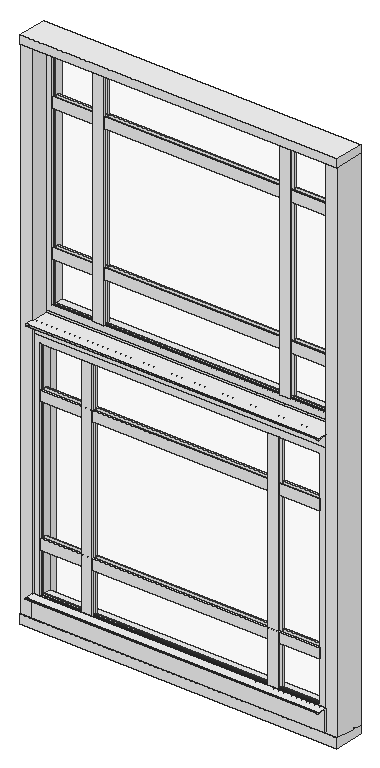
Revit family "Single_Hung-PGT-Aluminum-SH700d", category Windows, host Wall, Revit 2015
Parameters (values of type "Refer to Type Catalog")
  Width Calc = Width - 3.498"  # 26.502"
  URL = "http://www.pgtindustries.com/"
  Type Comments = "Flange, Equal Sash"  # constant formula
  Top Sash = Height / 2  # 25"
  Rough Width = Width  # 30"
  Rough Height = Height  # 50"
  Product Style Guide = "http://www.pgtindustries.com/pro-zone/architect/download?destination=node/97061"
  Product Page URL = "http://www.pgtindustries.com/product-overview/sh700"
  Model = "SH700"  # constant formula
  Minimum Size = "13 1/2” x 24 3/4”."  # constant formula
  Maximum Size = "53 1/8” x 76”"  # constant formula
  Manufacturer = "PGT Industries"  # constant formula
  Height Calc Top = Top Sash - 3.356"  # 21.644"
  Height Calc Bottom = Height - (Top Sash + 3.591")  # 21.409"
  Height = 50"
  Grid Type Top Sash = Face_Based_Mullion_ 401 : BP9
  Grid Type Bottom Sash = Face_Based_Mullion_ 401 : BP9
  Grid Layout Note = "To edit the grid layout ensure the 'Grid' parameter is turned on and then select an option from the 'Grid Type Bottom Sash' & 'Grid Type Top Sash' drop downs.  Please refer to the 'Product Style Guide' for standard configurations and restrictions."  # constant formula
  Grid = yes
  Finish = Metal - PGT - Paint - White
  Description = "Aluminum Single Hung"  # constant formula
  Default Sill Height = 36"
  Wall Closure = By host
  Width = 30"
  Custom Design Note = "The types included show default grid/size configurations.  Please reference the 'Product Style Guide' to see all standard configurations and restrictions before creating custom designs.  Please contact PGT Industries with any questions regarding custom designs."  # constant formula
  Construction Type = ""
  Color Glass = Glass - PGT - Clear
  BP Calc = Width Calc / 6  # 4.417"
  Assembly Code = "B2020.10"
  Analytic Construction = "<None>"
Reference planes (in)
  plane 1 "Center (Front/Back)": y = 0
  plane 2: z = -0.001
  plane 3 "Center (Left/Right)": x = 0
  plane 4 "Left": x = -15
  plane 5 "Right": x = 15
  plane 6 "Sill": z = 35.999
  plane 7 "Top": z = 85.999
  plane 8 "Exterior Face": y = 3
  plane 9: x = 13.876
  plane 10: x = -13.876
  plane 11: z = 36.65386
  plane 12 "Meeting": z = 60.999
  plane 13: z = 62.367
  plane 14: z = 62.992
  plane 15: z = 60.374
  plane 16: x = -13.251
  plane 17: x = 13.251
  plane 18: z = 38.965
  plane 19 "Interior Face": y = 0.278
  plane 20: y = 3.062
  plane 21: z = 38.34
  plane 22: z = 84.636
  plane 23: z = 85.261
  plane 24: y = 0.45962
  plane 25 "Exterior Face of Glass Upper": y = 2.353
  plane 26 "Exterior Face of Glass Lower": y = 0.93986
  plane 27: y = 1.952
  plane 28: y = 0.53886
  plane 29: z = 73.814
  plane 30: z = 49.6695
Forms (in)
  Sweep 1, solid, material "Metal - PGT - Paint - White" <- "Finish"
    path origin (0, 0, 85.999) x (0, -1, 0) y (1, 0, 0)
      loop
        line (-3, -15) -> (-3, 15)
    profile "Profile-SH700-Top_Rail : Profile-SH700-Top_Rail" origin (0, 3, 85.999) x (0, 1, 0) y (0, 0, 1)
      loop
        line (-2.722, -0.738) -> (0.062, -0.738) -> (0.062, 0) -> (-2.722, 0) -> (-2.722, -0.738)
  Sweep 2, solid, material "Metal - PGT - Paint - White" <- "Finish"
    path origin (0, 0, 35.999) x (0, -1, 0) y (1, 0, 0)
      loop
        line (-3, -15) -> (-3, 15)
    profile "Profile-SH700-Bottom_Rail : Profile-SH700-Bottom_Rail" origin (0, 3, 35.999) x (0, 1, 0) y (0, 0, 1)
      loop
        line (0.062, 0) -> (0.062, 0.65486) -> (-0.667, 0.71864) -> (-0.667, 0.83801)
        arc (-0.667, 0.83801) -> (-0.692, 0.86301) -> (-0.717, 0.83801) r 0.025
        line (-0.717, 0.83801) -> (-0.717, 0.72301) -> (-2.722, 0.89842) -> (-2.722, 0) -> (0.062, 0)
  Sweep 3, solid, material "Metal - PGT - Paint - White" <- "Finish"
    path origin (0, 0, 35.999) x (0, -1, 0) y (1, 0, 0)
      loop
        line (-3, -13.876) -> (-3, 13.876)
    profile "Profile-SH700-Bottom_Sash : Profile-SH700-Bottom_Sash" origin (0, 3, 35.999) x (0, 1, 0) y (0, 0, 1)
      loop
        line (-1.19205, 0.76457) -> (-1.19205, 2.21602)
        arc (-1.19205, 2.21602) -> (-1.22866, 2.30441) -> (-1.31705, 2.34102) r 0.125
        line (-1.31705, 2.34102) -> (-2.54, 2.34102) -> (-2.54, 2.96562) -> (-3.47105, 2.96562)
        arc (-3.47105, 2.96562) -> (-3.51418, 2.93729) -> (-3.50533, 2.88646) r 0.047
        arc (-3.50533, 2.88646) -> (-3.45516, 2.87438) -> (-3.42414, 2.91562) r 0.047
        line (-3.42414, 2.91562) -> (-2.722, 2.91562) -> (-2.722, 0.89842) -> (-1.19205, 0.76457)
  Sweep 4, solid, material "Metal - PGT - Paint - White" <- "Finish"
    path origin (-60, 3, 48) x (-1, 0, 0) y (0, 0, 1)
      loop
        line (-75, -11.34614) -> (-75, 37.262)
    profile "Profile-SH700-Stile : Profile-SH700-Stile" origin (15, 3, 60.95793) x (1, 0, 0) y (0, 1, 0)
      loop
        line (0, 0.062) -> (-1.123, 0.062) -> (-1.123, -2.648) -> (0, -2.648) -> (0, 0.062)
  Sweep 5, solid, material "Metal - PGT - Paint - White" <- "Finish"
    path origin (60, 3, 48) x (1, 0, 0) y (0, 0, -1)
      loop
        line (-75, 11.34614) -> (-75, -37.262)
    profile "Profile-SH700-Stile : Profile-SH700-Stile" origin (-15, 3, 60.95793) x (1, 0, 0) y (0, 1, 0)
      loop
        line (0, 0.062) -> (0, -2.648) -> (1.123, -2.648) -> (1.123, 0.062) -> (0, 0.062)
  Sweep 6, solid, material "Metal - PGT - Paint - White" <- "Finish"
    path origin (0, 0, 60.999) x (0, 1, 0) y (-1, 0, 0)
      loop
        line (3, -13.876) -> (3, 13.872)
    profile "Profile-SH700-Meeting : Profile-SH700-Meeting" origin (0.002, 3, 60.999) x (0, -1, 0) y (0, 0, 1)
      loop
        line (2.54038, 0.00007) -> (2.54038, 1.10283) -> (3.34708, 1.10283)
        arc (3.34708, 1.10283) -> (3.38535, 1.04555) -> (3.45292, 1.05899) r 0.062
        arc (3.45292, 1.05899) -> (3.46635, 1.12656) -> (3.40908, 1.16483) r 0.062
        line (3.40908, 1.16483) -> (1.12299, 1.16483) -> (1.12299, 1.36807) -> (-0.06184, 1.36807) -> (-0.06184, -0.03655) -> (0.66701, -0.03655) -> (0.66701, -0.13824)
        arc (0.66701, -0.13824) -> (0.6921, -0.16333) -> (0.7172, -0.13824) r 0.0251
        line (0.7172, -0.13824) -> (0.7172, 0.00007) -> (2.54038, 0.00007)
  Extrusion 7, solid, material "Glass - PGT - Clear" <- "Color Glass"
    sketch origin (0, 0, 0) x (0, 1, 0) y (0, 0, 1)
      loop
        line (1.952, 84.636) -> (1.952, 62.992) -> (2.077, 62.992) -> (2.077, 84.636) -> (1.952, 84.636)
      loop
        line (2.228, 84.636) -> (2.228, 62.992) -> (2.353, 62.992) -> (2.353, 84.636) -> (2.228, 84.636)
      loop
        line (0.53886, 38.965) -> (0.66386, 38.965) -> (0.66386, 60.374) -> (0.53886, 60.374) -> (0.53886, 38.965)
      loop
        line (0.81486, 38.965) -> (0.93986, 38.965) -> (0.93986, 60.374) -> (0.81486, 60.374) -> (0.81486, 38.965)
    from -13.251 to 13.251
  Sweep 8, solid, material "Metal - PGT - Paint - White" <- "Finish"
    path origin (-60, 3, 48) x (-1, 0, 0) y (0, 0, 1)
      loop
        line (-73.251, 36.636) -> (-73.251, 14.992) -> (-46.749, 14.992) -> (-46.749, 36.636) -> (-73.251, 36.636)
    profile "Profile-SH700-Sash : Profile-SH700-Sash" origin (0, 3, 84.636) x (0, 0, 1) y (0, 1, 0)
      loop
        line (0, 0) -> (0, -0.647) -> (0.503, -0.647) -> (0.503, -1.048) -> (0, -1.048) -> (0, -1.12299) -> (0.625, -1.12299) -> (0.625, 0) -> (0, 0)
  Sweep 9, solid, material "Metal - PGT - Paint - White" <- "Finish"
    path origin (0, 0.278, 0) x (-1, 0, 0) y (0, 0, 1)
      loop
        line (13.251, 60.374) -> (-13.251, 60.374) -> (-13.251, 38.965) -> (13.251, 38.965) -> (13.251, 60.374)
    profile "Profile-SH700-Bottom Sash : Profile-SH700-Bottom Sash" origin (0, 0.278, 60.374) x (0, 0, -1) y (0, 1, 0)
      loop
        line (0, 1.30499) -> (-0.625, 1.30499) -> (-0.625, 0.182) -> (0, 0.182) -> (0, 0.26099) -> (-0.503, 0.26099) -> (-0.503, 0.66199) -> (0, 0.66199) -> (0, 1.30499)
Cuts and joins
  joined: Sweep 4, Sweep 5
Lines and regions (in)
  Opening 1
    outline origin (-60, -3, 0) x (1, 0, 0) y (0, 0, 1)
      loop
        line (45, 85.999) -> (45, 35.999) -> (75, 35.999) -> (75, 85.999) -> (45, 85.999)
  Masking region 1
    outline origin (0, 0, 59.95893) x (1, 0, 0) y (0, 1, 0)
      loop
        line (15, 3.062) -> (-15, 3.062) -> (-15, 0.278) -> (15, 0.278) -> (15, 3.062)
  Split face 1
    outline origin (-15, 0.278, 36.89742) x (1, 0, 0) y (0, 0.996195, -0.087156)
      loop
        line (0, 0.07435) -> (30, 0.07435)
  Split face 2
    outline origin (-13.877, 3.062, 36.65386) x (0, 0, 1) y (0, -1, 0)
      loop
        line (0, 2.60238) -> (25.50997, 2.60238) -> (25.50997, 1.18499) -> (48.60814, 1.18499)
  Split face 3
    outline origin (13.877, 0.352, 36.65386) x (0, 0, 1) y (0, 1, 0)
      loop
        line (48.60814, 1.52501) -> (25.50997, 1.52501) -> (25.50997, 0.10762) -> (0, 0.10762)
Text (in)
  text "EXTERIOR" at (-58.6888, 50.90694, 0), in view "Ref. Level"
  text "INTERIOR" at (-58.6888, -37.76638, 0), in view "Ref. Level"
  text "Exterior" at (0, 43.65631, 123.19604), in view "Left"
  text "Exterior" at (0, 18.29385, 125.04747), in view "Right"
Dimensions and locks (in)
  equal spacing: plane 4 "Left", plane 3 "Center (Left/Right)", plane 5 "Right"
  "Width": plane 4 "Left" to plane 5 "Right"
  "Height": plane 6 "Sill" to plane 7 "Top"
  "Default Sill Height": plane 2 to plane 6 "Sill"
  locked: plane 6 "Sill" to plane 11 at 0.65486
  locked: plane 15 to plane 14 at 2.618
  locked: plane 13 to plane 14 at 0.625
  locked: plane 15 to plane 12 "Meeting" at 0.625
  locked: plane 6 "Sill" to plane 18 at 2.966
  locked: plane 20 to plane 19 "Interior Face" at 2.784
  locked: plane 20 to plane 8 "Exterior Face" at 0.062
  locked: plane 4 "Left" to plane 16 at 1.749
  locked: plane 17 to plane 5 "Right" at 1.749
  locked: plane 17 to plane 9 at 0.625
  locked: plane 10 to plane 16 at 0.625
  locked: plane 21 to plane 18 at 0.625
  locked: plane 22 to plane 7 "Top" at 1.363
  locked: plane 22 to plane 23 at 0.625
  "Top Sash": plane 12 "Meeting" to plane 7 "Top"
  locked: plane 26 "Exterior Face of Glass Lower" to plane 19 "Interior Face" at 0.66186
  locked: plane 8 "Exterior Face" to plane 25 "Exterior Face of Glass Upper" at 0.647
  plane 27 to plane 25 "Exterior Face of Glass Upper" = 0.401"
  plane 26 "Exterior Face of Glass Lower" to plane 28 = 0.401"
  equal spacing: plane 14, plane 29, plane 22
  equal spacing: plane 18, plane 30, plane 15
  plane 17 to plane 16 = 26.502"
  locked: plane 6 "Sill" to Split face 2 sketch curve at 0.65486
  Split face 2 sketch curve to plane 7 "Top" = 0.737"
  locked: Split face 2 sketch curve to plane 14 at 0.82817
  locked: Split face 3 sketch curve to plane 13 at 0.20317
  locked: plane 6 "Sill" to Split face 3 sketch curve at 0.65486
  locked: Split face 3 sketch curve to plane 7 "Top" at 0.737
  aligned and locked: plane 7 "Top" to Opening 1 sketch curve
  aligned and locked: plane 6 "Sill" to Opening 1 sketch curve  (x2)
  aligned and locked: plane 5 "Right" to Opening 1 sketch curve
  aligned and locked: plane 4 "Left" to Opening 1 sketch curve
  aligned and locked: plane 8 "Exterior Face" to host wall
  aligned and locked: plane 11 to Sweep 4 sketch curve
  aligned and locked: plane 11 to Sweep 5 sketch curve
  aligned and locked: plane 9 to Sweep 3 sketch curve
  aligned and locked: plane 10 to Sweep 3 sketch curve
  aligned and locked: plane 5 "Right" to Sweep 1 sketch curve
  aligned and locked: plane 4 "Left" to Sweep 1 sketch curve
  aligned and locked: plane 22 to Sweep 8 sketch curve
  aligned and locked: Sweep 8 sketch curve to plane 17
  aligned and locked: Sweep 8 sketch curve to plane 14
  aligned and locked: plane 16 to Sweep 8 sketch curve
  aligned and locked: plane 14 to Extrusion 7  (x2)
  aligned and locked: Extrusion 7 to plane 22  (x2)
  aligned and locked: Sweep 9 sketch curve to plane 15
  aligned and locked: Sweep 9 sketch curve to plane 16
  aligned and locked: Sweep 9 sketch curve to plane 18
  aligned and locked: plane 17 to Sweep 9 sketch curve
  aligned and locked: Extrusion 7 to plane 15  (x2)
  aligned and locked: Extrusion 7 to plane 18  (x2)
  aligned and locked: Extrusion 7 to plane 16
  aligned and locked: plane 17 to Extrusion 7
  aligned and locked: plane 3 "Center (Left/Right)" to nested 1
  aligned and locked: nested 1 to plane 19 "Interior Face"
  aligned and locked: nested 2 to plane 3 "Center (Left/Right)"
  aligned and locked: nested 2 to plane 29
  aligned and locked: nested 3 to plane 30
  aligned and locked: nested 3 to plane 3 "Center (Left/Right)"
  aligned and locked: Masking region 1 sketch curve to cut or joined group of Sweep 4, Sweep 5  (x2)
  aligned and locked: nested 1 to Masking region 1 sketch curve
  aligned and locked: Masking region 1 sketch curve to nested 1
  aligned and locked: plane 26 "Exterior Face of Glass Lower" to Extrusion 7
  aligned and locked: Extrusion 7 to plane 28
  aligned and locked: plane 4 "Left" to Split face 1 sketch curve
  aligned and locked: plane 5 "Right" to Split face 1 sketch curve
Automatic sketch dimensions
  Sweep 1 sketch curve to plane 8 "Exterior Face" = 0"
  Sweep 2 sketch curve to plane 5 "Right" = 0"
  Sweep 2 sketch curve to plane 8 "Exterior Face" = 0"
  Sweep 2 sketch curve to plane 4 "Left" = 0"
  Sweep 3 sketch curve to plane 8 "Exterior Face" = 0"
  Sweep 6 sketch curve to plane 8 "Exterior Face" = 0"
  Sweep 6 sketch curve to plane 9 = 0"
  plane 10 to Sweep 6 sketch curve = 0.004"
  plane 5 "Right" to Sweep 4 sketch curve = 0"
  Sweep 4 sketch curve to plane 23 = 0.001"
  plane 4 "Left" to Sweep 5 sketch curve = 0"
  Sweep 5 sketch curve to plane 23 = 0.001"
  Extrusion 7 sketch curve to plane 18 = 0"  (x2)
  plane 15 to Extrusion 7 sketch curve = 0"  (x2)
  plane 14 to Extrusion 7 sketch curve = 0"  (x2)
  plane 22 to Extrusion 7 sketch curve = 0"  (x2)
  Extrusion 7 sketch curve to plane 24 = 0.07924"
  Extrusion 7 sketch curve to Extrusion 7 sketch curve = 1/8"  (x4)
  Extrusion 7 sketch curve to Extrusion 7 sketch curve = 0.151"  (x2)
  Extrusion 7 sketch curve to host wall = 1.048"
  Sweep 2 to Split face 1 sketch curve = 0.07435"
  Split face 2 sketch curve to cut or joined group of Sweep 4, Sweep 5 = 0.10762"
  Split face 2 sketch curve to cut or joined group of Sweep 4, Sweep 5 = 1.18499"
  Split face 3 sketch curve to cut or joined group of Sweep 4, Sweep 5 = 0.10762"
  Split face 3 sketch curve to cut or joined group of Sweep 4, Sweep 5 = 1.18499"
Nested families (in)
  nested 1: "SH700" at (0, 0.278, 59.95893), type "Plan2d"
    with Width 30"
  nested 2: "Face_Based_Mullion_ 401" at (0, 2.353, 73.814) x (-1, 0, 0) z (0, 1, 0), Width <- "Width Calc", Height <- "Height Calc Top", type <- "Grid Type Top Sash", BP Offset <- "BP Calc", visible <- "Grid", type "BP9"
    with Width 26.502", Height 21.644", BP Offset 4.417", Glass Thickness 103/256"
  nested 3: "Face_Based_Mullion_ 401" at (0, 0.93986, 49.6695) x (-1, 0, 0) z (0, 1, 0), Height <- "Height Calc Bottom", Width <- "Width Calc", type <- "Grid Type Bottom Sash", BP Offset <- "BP Calc", visible <- "Grid", type "BP9"
    with Width 26.502", Height 21.409", BP Offset 4.417", Glass Thickness 103/256"
Definition of nested family "Face_Based_Mullion_ 401"
  Parameters (values of type "4C2R")
    Width [instance] = 60"
    Mullion Interior = none
    Mullion = none
    Height [instance] = 60"
    Glass Thickness = 87/256"
    Default Elevation = 48"
    BP Offset [instance] = 4.57143"
    BPT = no
    BPR = no
    BPL = no
    BPB = no
    7R = no
    6R = no
    5R = no
    4R = no
    4C = yes
    3R = no
    3C = no
    2R = yes
    2C = no
  Types (9): name | BPT | BPR | BPL | BPB | 4C | 3C | 2R | 2C
    2C2R | no | no | no | no | no | no | yes | yes
    3C2R | no | no | no | no | no | yes | yes | no
    BP9 | yes | yes | yes | yes | no | no | no | no
    2C1R | no | no | no | no | no | no | no | yes
    BP6_Top | yes | yes | yes | no | no | no | no | no
    BP6_Bottom | no | yes | yes | yes | no | no | no | no
    3C1R | no | no | no | no | no | yes | no | no
    4C1R | no | no | no | no | yes | no | no | no
    4C2R | no | no | no | no | yes | no | yes | no
  Reference planes (in)
    plane 1 "Center (Front/Back)": y = 0
    plane 2: z = 0
    plane 3 "Center (Left/Right)": x = 0
    plane 4: x = -30
    plane 5: x = 30
    plane 6: y = 30
    plane 7: y = -30
    plane 8: y = 10
    plane 9: y = -10
    plane 10: y = 20
    plane 11: y = -20
    plane 12: x = -10
    plane 13: x = 10
    plane 14: y = 15
    plane 15: y = -15
    plane 16: y = 18
    plane 17: y = 6
    plane 18: y = -6
    plane 19: y = -18
    plane 20: y = -21.42857
    plane 21: y = -12.85714
    plane 22: y = -4.28571
    plane 23: y = 21.42857
    plane 24: y = 12.85714
    plane 25: y = 4.28571
    plane 26: x = -20
    plane 27: x = 20
    plane 28: y = 25.42857
    plane 29: y = -25.42857
    plane 30: x = -15
    plane 31: x = 15
  Forms (in)
    Extrusion 1, solid
      sketch origin (0, 0, 0) x (1, 0, 0) y (0, 1, 0)
        loop
          line (-48, 48) -> (-48, -48) -> (48, -48) -> (48, 48) -> (-48, 48)
      from 0 to -12
  Lines and regions (in)
    model lines, visible <- "5R"
      curve 1: line (-30, -18, 0) -> (30, -18, 0)
      curve 2: line (30, -6, 0) -> (-30, -6, 0)
      curve 3: line (30, 6, 0) -> (-30, 6, 0)
      curve 4: line (30, 18, 0) -> (-30, 18, 0)
    model lines, visible <- "2C"
      curve 5: line (0, 30, 0) -> (0, -30, 0)
    model lines, visible <- "3C"
      curve 6: line (-10, 30, 0) -> (-10, -30, 0)
      curve 7: line (10, 30, 0) -> (10, -30, 0)
    model lines, visible <- "6R"
      curve 8: line (-30, 20, 0) -> (30, 20, 0)
      curve 9: line (-30, 10, 0) -> (30, 10, 0)
      curve 10: line (-30, 0, 0) -> (30, 0, 0)
      curve 11: line (-30, -10, 0) -> (30, -10, 0)
      curve 12: line (-30, -20, 0) -> (30, -20, 0)
    model lines, visible <- "4R"
      curve 13: line (30, 15, 0) -> (-30, 15, 0)
      curve 14: line (30, 0, 0) -> (-30, 0, 0)
      curve 15: line (30, -15, 0) -> (-30, -15, 0)
    model lines, visible <- "7R"
      curve 16: line (-30, 21.42857, 0) -> (30, 21.42857, 0)
      curve 17: line (30, 12.85714, 0) -> (-30, 12.85714, 0)
      curve 18: line (30, 4.28571, 0) -> (-30, 4.28571, 0)
      curve 19: line (30, -4.28571, 0) -> (-30, -4.28571, 0)
      curve 20: line (30, -12.85714, 0) -> (-30, -12.85714, 0)
      curve 21: line (30, -21.42857, 0) -> (-30, -21.42857, 0)
    model lines, visible <- "BPL"
      curve 22: line (-20, 30, 0) -> (-20, -30, 0)
    model lines, visible <- "BPR"
      curve 23: line (20, 30, 0) -> (20, -30, 0)
    model lines, visible <- "2R"
      curve 24: line (-30, 0, 0) -> (30, 0, 0)
    model lines, visible <- "3R"
      curve 25: line (-30, 10, 0) -> (30, 10, 0)
      curve 26: line (-30, -10, 0) -> (30, -10, 0)
    model lines, visible <- "BPB"
      curve 27: line (-30, -25.42857, 0) -> (30, -25.42857, 0)
    model lines, visible <- "BPT"
      curve 28: line (-30, 25.42857, 0) -> (30, 25.42857, 0)
    model lines, visible <- "4C", detail levels coarse
      curve 29: line (-15, 30, 0) -> (-15, -30, 0)
      curve 30: line (15, 30, 0) -> (15, -30, 0)
    model lines, detail levels coarse
      curve 31: line (0, 30, 0) -> (0, -30, 0)
  Dimensions and locks (in)
    equal spacing: plane 6, plane 10, plane 8, plane 1 "Center (Front/Back)", plane 9, plane 11, plane 7
    equal spacing: plane 6, plane 14, plane 1 "Center (Front/Back)"
    equal spacing: plane 7, plane 15, plane 1 "Center (Front/Back)"
    equal spacing: plane 6, plane 16, plane 17, plane 18, plane 19, plane 7
    "Width": plane 4 to plane 5
    "Height": plane 6 to plane 7
    equal spacing: plane 6, plane 23, plane 24, plane 25, plane 22, plane 21, plane 20, plane 7
    equal spacing: plane 4, plane 26, plane 12, plane 3 "Center (Left/Right)", plane 13, plane 27, plane 5
    "BP Offset": plane 7 to plane 29
    "BP Offset": plane 6 to plane 28
    equal spacing: plane 4, plane 30, plane 3 "Center (Left/Right)"
    equal spacing: plane 3 "Center (Left/Right)", plane 31, plane 5
    aligned and locked: plane 2 to Extrusion 1
    aligned and locked: level to Extrusion 1
    aligned and locked: plane 4 to curve 1
    aligned and locked: curve 1 to plane 19
    aligned and locked: plane 18 to curve 2
    aligned and locked: plane 5 to curve 3
    aligned and locked: plane 17 to curve 3
    aligned and locked: plane 5 to curve 4
    aligned and locked: plane 16 to curve 4
    aligned and locked: plane 6 to curve 5
    aligned and locked: curve 5 to plane 3 "Center (Left/Right)"
    aligned and locked: plane 13 to curve 7
    aligned and locked: plane 4 to curve 8
    aligned and locked: curve 8 to plane 10
    aligned and locked: plane 4 to curve 9
    aligned and locked: curve 9 to plane 8
    aligned and locked: plane 4 to curve 10
    aligned and locked: plane 1 "Center (Front/Back)" to curve 10
    aligned and locked: plane 4 to curve 11
    aligned and locked: curve 11 to plane 9
    aligned and locked: plane 4 to curve 12
    aligned and locked: curve 12 to plane 11
    aligned and locked: plane 5 to curve 13
    aligned and locked: curve 13 to plane 14
    aligned and locked: plane 5 to curve 14
    aligned and locked: curve 14 to plane 1 "Center (Front/Back)"
    aligned and locked: plane 5 to curve 15
    aligned and locked: plane 15 to curve 15
    aligned and locked: plane 4 to curve 16
    aligned and locked: curve 16 to plane 23
    aligned and locked: plane 5 to curve 17
    aligned and locked: plane 24 to curve 17
    aligned and locked: plane 5 to curve 18
    aligned and locked: plane 25 to curve 18
    aligned and locked: plane 5 to curve 19
    aligned and locked: plane 22 to curve 19
    aligned and locked: plane 5 to curve 20
    aligned and locked: plane 21 to curve 20
    aligned and locked: plane 5 to curve 21
    aligned and locked: plane 20 to curve 21
    aligned and locked: plane 6 to curve 22
    aligned and locked: curve 22 to plane 26
    aligned and locked: plane 6 to curve 23
    aligned and locked: curve 23 to plane 27
    aligned and locked: plane 4 to curve 24
    aligned and locked: plane 1 "Center (Front/Back)" to curve 24
    aligned and locked: plane 4 to curve 25
    aligned and locked: curve 25 to plane 8
    aligned and locked: plane 4 to curve 26
    aligned and locked: curve 26 to plane 9
    aligned and locked: plane 4 to curve 27
    aligned and locked: plane 29 to curve 27
    aligned and locked: plane 4 to curve 28
    aligned and locked: plane 5 to curve 28
    aligned and locked: curve 28 to plane 28
    aligned and locked: nested 2 to plane 1 "Center (Front/Back)"
    aligned and locked: plane 3 "Center (Left/Right)" to nested 1
    aligned and locked: plane 8 to nested 4
    aligned and locked: plane 9 to nested 3
    aligned and locked: plane 3 "Center (Left/Right)" to nested 3
    aligned and locked: plane 3 "Center (Left/Right)" to nested 4
    aligned and locked: plane 12 to nested 5
    aligned and locked: nested 6 to plane 13
    aligned and locked: plane 1 "Center (Front/Back)" to nested 5
    aligned and locked: plane 1 "Center (Front/Back)" to nested 6
    aligned and locked: nested 7 to plane 14
    aligned and locked: plane 3 "Center (Left/Right)" to nested 7
    aligned and locked: nested 8 to plane 1 "Center (Front/Back)"
    aligned and locked: plane 3 "Center (Left/Right)" to nested 8
    aligned and locked: plane 15 to nested 9
    aligned and locked: plane 3 "Center (Left/Right)" to nested 9
    aligned and locked: plane 19 to nested 13
    aligned and locked: plane 3 "Center (Left/Right)" to nested 13
    aligned and locked: plane 18 to nested 12
    aligned and locked: plane 3 "Center (Left/Right)" to nested 12
    aligned and locked: plane 17 to nested 11
    aligned and locked: plane 3 "Center (Left/Right)" to nested 11
    aligned and locked: plane 16 to nested 10
    aligned and locked: plane 3 "Center (Left/Right)" to nested 10
    aligned and locked: plane 10 to nested 18
    aligned and locked: plane 3 "Center (Left/Right)" to nested 18
    aligned and locked: plane 8 to nested 17
    aligned and locked: plane 3 "Center (Left/Right)" to nested 17
    aligned and locked: nested 16 to plane 1 "Center (Front/Back)"
    aligned and locked: plane 3 "Center (Left/Right)" to nested 16
    aligned and locked: plane 9 to nested 15
    aligned and locked: plane 3 "Center (Left/Right)" to nested 15
    aligned and locked: plane 11 to nested 14
    aligned and locked: plane 3 "Center (Left/Right)" to nested 14
    aligned and locked: plane 23 to nested 23
    aligned and locked: plane 3 "Center (Left/Right)" to nested 23
    aligned and locked: plane 24 to nested 22
    aligned and locked: plane 3 "Center (Left/Right)" to nested 22
    aligned and locked: plane 25 to nested 21
    aligned and locked: plane 3 "Center (Left/Right)" to nested 21
    aligned and locked: plane 21 to nested 20
    aligned and locked: plane 3 "Center (Left/Right)" to nested 20
    aligned and locked: plane 20 to nested 19
    aligned and locked: plane 3 "Center (Left/Right)" to nested 19
    aligned and locked: plane 22 to nested 24
    aligned and locked: plane 3 "Center (Left/Right)" to nested 24
    aligned and locked: plane 28 to nested 27
    aligned and locked: plane 3 "Center (Left/Right)" to nested 27
    aligned and locked: plane 27 to nested 26
    aligned and locked: plane 26 to nested 25
    aligned and locked: plane 1 "Center (Front/Back)" to nested 26
    aligned and locked: plane 1 "Center (Front/Back)" to nested 25
    aligned and locked: nested 28 to plane 29
    aligned and locked: plane 3 "Center (Left/Right)" to nested 28
    aligned and locked: curve 29 to plane 30
    aligned and locked: plane 6 to curve 29
    aligned and locked: plane 7 to curve 29
    aligned and locked: plane 6 to curve 30
    aligned and locked: curve 30 to plane 31
    aligned and locked: plane 30 to nested 30
    aligned and locked: plane 31 to nested 29
    aligned and locked: plane 1 "Center (Front/Back)" to nested 30
    aligned and locked: plane 1 "Center (Front/Back)" to nested 29
    aligned and locked: plane 6 to curve 31
    aligned and locked: curve 31 to plane 3 "Center (Left/Right)"
    aligned and locked: plane 3 "Center (Left/Right)" to nested 31
    aligned and locked: plane 1 "Center (Front/Back)" to nested 31
    aligned and locked: plane 6 to nested 31
    aligned and locked: plane 7 to nested 31
  Automatic sketch dimensions
    Extrusion 1 sketch curve to Extrusion 1 sketch curve = 96"  (x2)
    curve 15 to plane 4 = 0"
    curve 2 to plane 4 = 0"
    curve 18 to plane 4 = 0"
    curve 3 to plane 4 = 0"
    curve 4 to plane 4 = 0"
    curve 14 to plane 4 = 0"
    curve 19 to plane 4 = 0"
    curve 13 to plane 4 = 0"
    curve 20 to plane 4 = 0"
    curve 21 to plane 4 = 0"
    curve 17 to plane 4 = 0"
    curve 6 to plane 7 = 0"
    curve 6 to plane 12 = 0"
    curve 12 to plane 5 = 0"
    curve 11 to plane 5 = 0"
    curve 10 to plane 5 = 0"
    curve 24 to plane 5 = 0"
    curve 8 to plane 5 = 0"
    curve 25 to plane 5 = 0"
    curve 26 to plane 5 = 0"
    curve 27 to plane 5 = 0"
    curve 2 to plane 5 = 0"
    curve 9 to plane 5 = 0"
    curve 1 to plane 5 = 0"
    curve 16 to plane 5 = 0"
    curve 31 to plane 7 = 0"
    curve 7 to plane 7 = 0"
    curve 30 to plane 7 = 0"
    curve 5 to plane 7 = 0"
    curve 22 to plane 7 = 0"
    curve 23 to plane 7 = 0"
    curve 6 to plane 6 = 0"
    curve 7 to plane 6 = 0"
  Nested families (in)
    nested 1: "Mullion 1 Inch Spacing" at (0, 0, 0), visible <- "2C", Length <- "Height", type "Mullion", detail levels medium+fine
      with Length 60"
    nested 2: "Mullion 1 Inch Spacing" at (0, 0, 0) x (0, 1, 0) z (0, 0, 1), visible <- "2R", Length <- "Width", type "Mullion", detail levels medium+fine
      with Length 60"
    nested 3: "Mullion 1 Inch Spacing" at (0, -10, 0) x (0, 1, 0) z (0, 0, 1), visible <- "3R", Length <- "Width", type "Mullion", detail levels medium+fine
      with Length 60"
    nested 4: "Mullion 1 Inch Spacing" at (0, 10, 0) x (0, 1, 0) z (0, 0, 1), visible <- "3R", Length <- "Width", type "Mullion", detail levels medium+fine
      with Length 60"
    nested 5: "Mullion 1 Inch Spacing" at (-10, 0, 0), visible <- "3C", Length <- "Height", type "Mullion", detail levels medium+fine
      with Length 60"
    nested 6: "Mullion 1 Inch Spacing" at (10, 0, 0), visible <- "3C", Length <- "Height", type "Mullion", detail levels medium+fine
      with Length 60"
    nested 7: "Mullion 1 Inch Spacing" at (0, 15, 0) x (0, 1, 0) z (0, 0, 1), visible <- "4R", Length <- "Width", type "Mullion", detail levels medium+fine
      with Length 60"
    nested 8: "Mullion 1 Inch Spacing" at (0, 0, 0) x (0, 1, 0) z (0, 0, 1), visible <- "4R", Length <- "Width", type "Mullion", detail levels medium+fine
      with Length 60"
    nested 9: "Mullion 1 Inch Spacing" at (0, -15, 0) x (0, 1, 0) z (0, 0, 1), visible <- "4R", Length <- "Width", type "Mullion", detail levels medium+fine
      with Length 60"
    nested 10: "Mullion 1 Inch Spacing" at (0, 18, 0) x (0, 1, 0) z (0, 0, 1), Length <- "Width", visible <- "5R", type "Mullion", detail levels medium+fine
      with Length 60"
    nested 11: "Mullion 1 Inch Spacing" at (0, 6, 0) x (0, 1, 0) z (0, 0, 1), Length <- "Width", visible <- "5R", type "Mullion", detail levels medium+fine
      with Length 60"
    nested 12: "Mullion 1 Inch Spacing" at (0, -6, 0) x (0, 1, 0) z (0, 0, 1), Length <- "Width", visible <- "5R", type "Mullion", detail levels medium+fine
      with Length 60"
    nested 13: "Mullion 1 Inch Spacing" at (0, -18, 0) x (0, 1, 0) z (0, 0, 1), Length <- "Width", visible <- "5R", type "Mullion", detail levels medium+fine
      with Length 60"
    nested 14: "Mullion 1 Inch Spacing" at (0, -20, 0) x (0, 1, 0) z (0, 0, 1), visible <- "6R", Length <- "Width", type "Mullion", detail levels medium+fine
      with Length 60"
    nested 15: "Mullion 1 Inch Spacing" at (0, -10, 0) x (0, 1, 0) z (0, 0, 1), visible <- "6R", Length <- "Width", type "Mullion", detail levels medium+fine
      with Length 60"
    nested 16: "Mullion 1 Inch Spacing" at (0, 0, 0) x (0, 1, 0) z (0, 0, 1), visible <- "6R", Length <- "Width", type "Mullion", detail levels medium+fine
      with Length 60"
    nested 17: "Mullion 1 Inch Spacing" at (0, 10, 0) x (0, 1, 0) z (0, 0, 1), visible <- "6R", Length <- "Width", type "Mullion", detail levels medium+fine
      with Length 60"
    nested 18: "Mullion 1 Inch Spacing" at (0, 20, 0) x (0, 1, 0) z (0, 0, 1), visible <- "6R", Length <- "Width", type "Mullion", detail levels medium+fine
      with Length 60"
    nested 19: "Mullion 1 Inch Spacing" at (0, -21.42857, 0) x (0, 1, 0) z (0, 0, 1), visible <- "7R", Length <- "Width", type "Mullion", detail levels medium+fine
      with Length 60"
    nested 20: "Mullion 1 Inch Spacing" at (0, -12.85714, 0) x (0, 1, 0) z (0, 0, 1), visible <- "7R", Length <- "Width", type "Mullion", detail levels medium+fine
      with Length 60"
    nested 21: "Mullion 1 Inch Spacing" at (0, 4.28571, 0) x (0, 1, 0) z (0, 0, 1), visible <- "7R", Length <- "Width", type "Mullion", detail levels medium+fine
      with Length 60"
    nested 22: "Mullion 1 Inch Spacing" at (0, 12.85714, 0) x (0, 1, 0) z (0, 0, 1), visible <- "7R", Length <- "Width", type "Mullion", detail levels medium+fine
      with Length 60"
    nested 23: "Mullion 1 Inch Spacing" at (0, 21.42857, 0) x (0, 1, 0) z (0, 0, 1), visible <- "7R", Length <- "Width", type "Mullion", detail levels medium+fine
      with Length 60"
    nested 24: "Mullion 1 Inch Spacing" at (0, -4.28571, 0) x (0, 1, 0) z (0, 0, 1), visible <- "7R", Length <- "Width", type "Mullion", detail levels medium+fine
      with Length 60"
    nested 25: "Mullion 1 Inch Spacing" at (-20, 0, 0), Length <- "Height", visible <- "BPL", type "Mullion", detail levels medium+fine
      with Length 60"
    nested 26: "Mullion 1 Inch Spacing" at (20, 0, 0), Length <- "Height", visible <- "BPR", type "Mullion", detail levels medium+fine
      with Length 60"
    nested 27: "Mullion 1 Inch Spacing" at (0, 25.42857, 0) x (0, 1, 0) z (0, 0, 1), visible <- "BPT", Length <- "Width", type "Mullion", detail levels medium+fine
      with Length 60"
    nested 28: "Mullion 1 Inch Spacing" at (0, -25.42857, 0) x (0, 1, 0) z (0, 0, 1), Length <- "Width", visible <- "BPB", type "Mullion", detail levels medium+fine
      with Length 60"
    nested 29: "Mullion 1 Inch Spacing" at (15, 0, 0), visible <- "4C", Length <- "Height", type "Mullion", detail levels medium+fine
      with Length 60"
    nested 30: "Mullion 1 Inch Spacing" at (-15, 0, 0), visible <- "4C", Length <- "Height", type "Mullion", detail levels medium+fine
      with Length 60"
    nested 31: "Mullion 1 Inch Spacing" at (0, 0, 0), visible <- "4C", Length <- "Height", type "Mullion"
      with Length 60"
  Definition of nested family "Mullion 1 Inch Spacing"
    Parameters (values of type "Mullion")
      Mullion Interior = none
      Mullion = none
      Length [instance] = 60"
      Glass Thickness = 87/256"
      Default Elevation = 48"
    Reference planes (in)
      plane 1 "Center (Front/Back)": y = 0
      plane 2: z = 0
      plane 3 "Center (Left/Right)": x = 0
      plane 4: y = 30
      plane 5: y = -30
      plane 6: z = -0.33984
    Forms (in)
      Extrusion 1, solid
        sketch origin (0, 0, 0) x (1, 0, 0) y (0, 1, 0)
          loop
            line (-48, 48) -> (-48, -48) -> (48, -48) -> (48, 48) -> (-48, 48)
        from 0 to -12
      Sweep 2, solid, material <- "Mullion"
        path origin (0, 0, 0) x (1, 0, 0) y (0, 1, 0)
          loop
            line (0, -30) -> (0, 30)
        profile origin (0, 0, 0) x (-1, 0, 0) y (0, 0, 1)
          loop
            line (-0.5, 0) -> (0.5, 0) -> (0.5, 0.1) -> (-0.5, 0.1) -> (-0.5, 0)
          loop
            line (-0.5, -0.43984) -> (0.5, -0.43984) -> (0.5, -0.33984) -> (-0.5, -0.33984) -> (-0.5, -0.43984)
    Dimensions and locks (in)
      equal spacing: plane 4, plane 1 "Center (Front/Back)", plane 5
      "Length": plane 4 to plane 5
      locked: plane 6 to Sweep 2 sketch curve at 0.1
      "Glass Thickness": Extrusion 1 to plane 6
      aligned and locked: plane 2 to Extrusion 1
      aligned and locked: level to Extrusion 1
      aligned and locked: plane 3 "Center (Left/Right)" to Sweep 2 sketch curve
      aligned and locked: plane 5 to Sweep 2 sketch curve
      aligned and locked: plane 6 to Sweep 2 sketch curve
    Automatic sketch dimensions
      Extrusion 1 sketch curve to Extrusion 1 sketch curve = 96"  (x2)
      Sweep 2 sketch curve to plane 4 = 0"
      Sweep 2 sketch curve to level = 0"
      profile plane to Sweep 2 sketch curve = 1/2"
      Sweep 2 sketch curve to Sweep 2 sketch curve = 0"  (x2)
      Sweep 2 sketch curve to profile plane = 1/2"
      level to Sweep 2 sketch curve = 0.1"
Definition of nested family "SH700"
  Parameters (values of type "Plan2d")
    Width = 36"
  Reference planes (in)
    plane 1 "Center (Front/Back)": y = 0
    plane 2: z = 0
    plane 3 "Center (Left/Right)": x = 0
    plane 4: x = 18
    plane 5: x = -18
    plane 6: x = -16.249
    plane 7: x = 16.249
  Lines and regions (in)
    detail lines, in view "Ref. Level", detail levels coarse
      curve 1: line (-16.249, 0.66186, 59.95893) -> (-16.249, 0.25339, 59.95893)
      curve 2: line (16.249, 0.66186, 59.95893) -> (16.249, 0.26086, 59.95893)
      curve 3: line (16.249, 0.46136, 59.95893) -> (-16.249, 0.46136, 59.95893)
    detail lines, in view "Ref. Level"
      curve 4: line (-16.249, 0, 59.95893) -> (-16.249, 0.26086, 59.95893)
      curve 5: line (-16.249, 0.66186, 59.95893) -> (-16.249, 1.30461, 59.95893)
      curve 6: line (-16.251, 1.30461, 59.95893) -> (-16.876, 1.30461, 59.95893)
      curve 7: line (-16.876, 1.30461, 59.95893) -> (-16.876, 2.784, 59.95893)
      curve 8: line (-16.876, 2.784, 59.95893) -> (-18, 2.784, 59.95893)
      curve 9: line (-16.249, 0, 59.95893) -> (-18.001, 0, 59.95893)
      curve 14: line (16.249, 0.26086, 59.95893) -> (16.249, 0, 59.95893)
      curve 15: line (16.251, 0, 59.95893) -> (18, 0, 59.95893)
      curve 16: line (16.249, 0.66186, 59.95893) -> (16.249, 1.30461, 59.95893)
      curve 17: line (16.876, 2.784, 59.95893) -> (18, 2.784, 59.95893)
      curve 18: line (16.251, 1.30461, 59.95893) -> (16.876, 1.30461, 59.95893)
      curve 19: line (16.876, 1.30461, 59.95893) -> (16.876, 2.784, 59.95893)
      curve 28: line (-18, 2.784, 0) -> (-18, 0, 0)
      curve 29: line (18, 2.784, 0) -> (18, 0, 0)
    detail lines, in view "Ref. Level", detail levels medium+fine
      curve 10: line (-16.876, 1.30461, 59.95893) -> (-16.876, 0, 59.95893)
      curve 11: line (16.249, 0.26086, 59.95893) -> (16.754, 0.26086, 59.95893)
      curve 12: line (16.754, 0.26086, 59.95893) -> (16.754, 0.66186, 59.95893)
      curve 13: line (16.754, 0.66186, 59.95893) -> (16.249, 0.66186, 59.95893)
      curve 20: line (-16.251, 0.66186, 59.95893) -> (-16.751, 0.66186, 59.95893)
      curve 21: line (-16.751, 0.66186, 59.95893) -> (-16.751, 0.26086, 59.95893)
      curve 22: line (-16.751, 0.26086, 59.95893) -> (-16.249, 0.26086, 59.95893)
      curve 23: line (-16.251, 0.66186, 59.95893) -> (16.249, 0.66186, 59.95893)
      curve 24: line (16.249, 0.26086, 59.95893) -> (-16.249, 0.26086, 59.95893)
      curve 27: line (16.876, 1.30461, 59.95893) -> (16.876, 0, 59.95893)
    detail lines, in view "Ref. Level", detail levels fine
      curve 25: line (-16.751, 0.38586, 59.95893) -> (16.754, 0.38586, 59.95893)
      curve 26: line (16.754, 0.53686, 59.95893) -> (-16.751, 0.53686, 59.95893)
  Dimensions and locks (in)
    equal spacing: plane 5, plane 3 "Center (Left/Right)", plane 4
    locked: plane 5 to plane 6 at 1.751
    plane 7 to plane 4 = 1.751"
    "Width": plane 5 to plane 4
    aligned and locked: curve 28 to plane 5
    aligned and locked: plane 4 to curve 29
    aligned and locked: plane 7 to curve 16
    aligned and locked: plane 6 to curve 5
    aligned and locked: curve 14 to plane 7
    aligned and locked: curve 2 to plane 7
    aligned and locked: curve 13 to curve 23
    aligned and locked: plane 7 to curve 3
    aligned and locked: plane 7 to curve 23
    aligned and locked: curve 1 to plane 6
    aligned and locked: curve 12 to curve 26
    aligned and locked: curve 22 to curve 24
  Automatic sketch dimensions
    plane 1 "Center (Front/Back)" to curve 29 = 0"
    curve 28 to plane 1 "Center (Front/Back)" = 0"
    curve 29 to plane 1 "Center (Front/Back)" = 2.784"
    curve 28 to curve 28 = 2.784"
    curve 1 to plane 1 "Center (Front/Back)" = 0.25339"
    curve 1 to curve 1 = 0.40847"
    curve 2 to plane 1 "Center (Front/Back)" = 0.26086"
    curve 2 to curve 2 = 0.401"
    curve 3 to plane 6 = 0"
    curve 3 to plane 1 "Center (Front/Back)" = 0.46136"
    curve 4 to plane 6 = 0"
    curve 4 to plane 1 "Center (Front/Back)" = 0"
    curve 4 to curve 4 = 0.26086"
    curve 5 to plane 1 "Center (Front/Back)" = 0.66186"
    curve 5 to curve 5 = 0.64275"
    curve 6 to plane 6 = 0.627"
    curve 6 to plane 1 "Center (Front/Back)" = 1.30461"
    curve 6 to plane 6 = 0.002"
    curve 7 to plane 6 = 0.627"
    curve 7 to plane 1 "Center (Front/Back)" = 1.30461"
    curve 7 to curve 7 = 1.47939"
    curve 8 to plane 5 = 0"
    curve 8 to plane 1 "Center (Front/Back)" = 2.784"
    curve 8 to plane 6 = 0.627"
    curve 9 to plane 1 "Center (Front/Back)" = 0"
    curve 9 to plane 5 = 0.001"
    curve 9 to plane 6 = 0"
    curve 10 to plane 1 "Center (Front/Back)" = 0"
    curve 10 to plane 6 = 0.627"
    curve 10 to curve 10 = 1.30461"
    plane 7 to curve 11 = 0"
    curve 11 to curve 11 = 0.505"
    curve 12 to plane 1 "Center (Front/Back)" = 0.26086"
    curve 12 to curve 12 = 0.401"
    plane 7 to curve 13 = 0"
    curve 13 to curve 13 = 0.505"
    plane 1 "Center (Front/Back)" to curve 14 = 0"
    curve 14 to plane 1 "Center (Front/Back)" = 0.26086"
    plane 1 "Center (Front/Back)" to curve 15 = 0"
    curve 15 to plane 4 = 0"
    plane 7 to curve 15 = 0.002"
    curve 16 to plane 1 "Center (Front/Back)" = 0.66186"
    curve 16 to curve 16 = 0.64275"
    curve 17 to plane 4 = 0"
    curve 17 to plane 1 "Center (Front/Back)" = 2.784"
    plane 7 to curve 17 = 0.627"
    plane 7 to curve 18 = 0.002"
    plane 7 to curve 18 = 0.627"
    curve 18 to plane 1 "Center (Front/Back)" = 1.30461"
    plane 7 to curve 19 = 0.627"
    curve 19 to plane 1 "Center (Front/Back)" = 1.30461"
    curve 19 to curve 19 = 1.47939"
    curve 20 to plane 6 = 0.502"
    curve 20 to plane 1 "Center (Front/Back)" = 0.66186"
    curve 20 to plane 6 = 0.002"
    curve 21 to plane 6 = 0.502"
    curve 21 to plane 1 "Center (Front/Back)" = 0.26086"
    curve 21 to curve 21 = 0.401"
    curve 22 to plane 6 = 0.502"
    curve 22 to plane 6 = 0"
    curve 23 to plane 1 "Center (Front/Back)" = 0.66186"
    curve 23 to plane 6 = 0.002"
    curve 24 to plane 6 = 0"
    plane 7 to curve 24 = 0"
    curve 25 to plane 6 = 0.502"
    curve 25 to plane 1 "Center (Front/Back)" = 0.38586"
    plane 7 to curve 25 = 0.505"
    curve 26 to plane 6 = 0.502"
    curve 26 to plane 1 "Center (Front/Back)" = 0.53686"
    plane 7 to curve 26 = 0.505"
    plane 1 "Center (Front/Back)" to curve 27 = 0"
    plane 7 to curve 27 = 0.627"
    curve 27 to plane 1 "Center (Front/Back)" = 1.30461"
    curve 11 to plane 1 "Center (Front/Back)" = 0.26086"
    curve 24 to plane 1 "Center (Front/Back)" = 0.26086"
